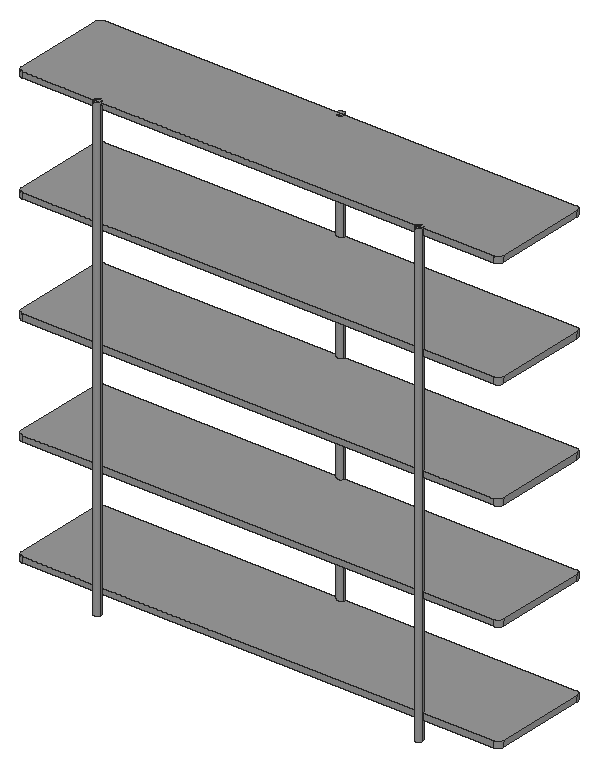
Revit family "Aero144 3-LivingDivani", category Furniture, Revit 2014
Parameters (values of type "Libreria")
  URL = "http://www.livingdivani.it"
  Model = "Aero"
  Mat. Struttura = Zinc
  Manufacturer = "LivingDivani"
  Codice prodotto = ""
Reference planes (cm)
  plane 1 "Centro (Fronte/Retro)": y = 0
  plane 2: z = 0
  plane 3 "Centro (Sinistra/Destra)": x = 0
Forms (cm)
  Extrusion 1, solid, material "Zinc" <- "Mat. Struttura"
    sketch origin (0, 0, 6) x (1, 0, 0) y (0, 1, 0)
      loop
        arc (-73.2, 16) -> (-74.4728, 15.4728) -> (-75, 14.2) r 1.8
        line (-75, 14.2) -> (-75, -14.2)
        arc (-75, -14.2) -> (-74.4728, -15.4728) -> (-73.2, -16) r 1.8
        line (-73.2, -16) -> (-51.1089, -16) -> (73.2, -16)
        arc (73.2, -16) -> (74.4728, -15.4728) -> (75, -14.2) r 1.8
        line (75, -14.2) -> (75, 14.2)
        arc (75, 14.2) -> (74.4728, 15.4728) -> (73.2, 16) r 1.8
        line (73.2, 16) -> (-51.1089, 16) -> (-73.2, 16)
    from 0 to 1.8
  Extrusion 2, solid, material "Zinc" <- "Mat. Struttura"
    sketch origin (0, 0, 39.8) x (1, 0, 0) y (0, 1, 0)
      loop
        arc (-73.2, 16) -> (-74.4728, 15.4728) -> (-75, 14.2) r 1.8
        line (-75, 14.2) -> (-75, -14.2)
        arc (-75, -14.2) -> (-74.4728, -15.4728) -> (-73.2, -16) r 1.8
        line (-73.2, -16) -> (-51.1089, -16) -> (73.2, -16)
        arc (73.2, -16) -> (74.4728, -15.4728) -> (75, -14.2) r 1.8
        line (75, -14.2) -> (75, 14.2)
        arc (75, 14.2) -> (74.4728, 15.4728) -> (73.2, 16) r 1.8
        line (73.2, 16) -> (-51.1089, 16) -> (-73.2, 16)
    from 0 to 1.8
  Extrusion 3, solid, material "Zinc" <- "Mat. Struttura"
    sketch origin (0, 0, 73.6) x (1, 0, 0) y (0, 1, 0)
      loop
        arc (-73.2, 16) -> (-74.4728, 15.4728) -> (-75, 14.2) r 1.8
        line (-75, 14.2) -> (-75, -14.2)
        arc (-75, -14.2) -> (-74.4728, -15.4728) -> (-73.2, -16) r 1.8
        line (-73.2, -16) -> (-51.1089, -16) -> (73.2, -16)
        arc (73.2, -16) -> (74.4728, -15.4728) -> (75, -14.2) r 1.8
        line (75, -14.2) -> (75, 14.2)
        arc (75, 14.2) -> (74.4728, 15.4728) -> (73.2, 16) r 1.8
        line (73.2, 16) -> (-51.1089, 16) -> (-73.2, 16)
    from 0 to 1.8
  Extrusion 4, solid, material "Zinc" <- "Mat. Struttura"
    sketch origin (0, 0, 107.4) x (1, 0, 0) y (0, 1, 0)
      loop
        arc (-73.2, 16) -> (-74.4728, 15.4728) -> (-75, 14.2) r 1.8
        line (-75, 14.2) -> (-75, -14.2)
        arc (-75, -14.2) -> (-74.4728, -15.4728) -> (-73.2, -16) r 1.8
        line (-73.2, -16) -> (-51.1089, -16) -> (73.2, -16)
        arc (73.2, -16) -> (74.4728, -15.4728) -> (75, -14.2) r 1.8
        line (75, -14.2) -> (75, 14.2)
        arc (75, 14.2) -> (74.4728, 15.4728) -> (73.2, 16) r 1.8
        line (73.2, 16) -> (-51.1089, 16) -> (-73.2, 16)
    from 0 to 1.8
  Extrusion 5, solid, material "Zinc" <- "Mat. Struttura"
    sketch origin (0, 0, 141.2) x (1, 0, 0) y (0, 1, 0)
      loop
        arc (-73.2, 16) -> (-74.4728, 15.4728) -> (-75, 14.2) r 1.8
        line (-75, 14.2) -> (-75, -14.2)
        arc (-75, -14.2) -> (-74.4728, -15.4728) -> (-73.2, -16) r 1.8
        line (-73.2, -16) -> (-51.1089, -16) -> (73.2, -16)
        arc (73.2, -16) -> (74.4728, -15.4728) -> (75, -14.2) r 1.8
        line (75, -14.2) -> (75, 14.2)
        arc (75, 14.2) -> (74.4728, 15.4728) -> (73.2, 16) r 1.8
        line (73.2, 16) -> (-51.1089, 16) -> (-73.2, 16)
    from 0 to 1.8
  Extrusion 6, solid, material "Zinc" <- "Mat. Struttura"
    sketch origin (100, 0, 0) x (1, 0, 0) y (0, 1, 0)
      loop
        circle (-100, 16) r 1.1
    from 0 to 143
  Extrusion 7, solid, material "Zinc" <- "Mat. Struttura"
    sketch origin (0, 0, 0) x (1, 0, 0) y (0, 1, 0)
      loop
        circle (-50, -16) r 1.1
    from 0 to 143
  Extrusion 8, solid, material "Zinc" <- "Mat. Struttura"
    sketch origin (0, 0, 0) x (-1, 0, 0) y (0, -1, 0)
      loop
        circle (-50, 16) r 1.1
    from 0 to 143
Dimensions and locks (cm)
  aligned and locked: level to plane 2
